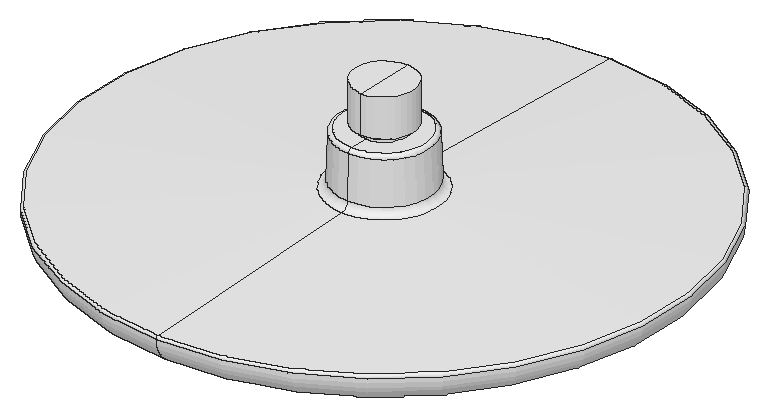
Revit family "ShowerHead-Round-Vitra-OriginSeries-A45638", category Plumbing Fixtures, Revit 2017
Family settings
  Round Connector Dimension = Use Diameter
  Part Type = Normal
  OmniClass Number = 23.45.00.00
  OmniClass Title = Sanitary, Laundry, and Cleaning Equipment
  Work Plane-Based = Yes
  Always vertical = No
  Cut with Voids When Loaded = No
  Shared = Yes
  Room Calculation Point = No
Parameters (values of type "ShowerHead-Round-Vitra-OriginSeries-A45638")
  Youtube = "https://www.youtube.com/user/VitrAglobal"
  Weight Net (kg) = "0.6"
  Waste Connection = no
  Warranty Period (Year) = "5 Years"
  Vent Connection = no
  Uniformat II Description = "Plumbing Fixture"
  Uniformat II Code = "22 40 00"
  Uniclass 2015 Name = "Bath taps"
  Uniclass 2015 Code = "Pr_40_20_87_09"
  Uniclass 2.0 Description = "Bath taps"
  Uniclass 2.0 Code = "Pr_40_20_87_09"
  Uniclass 1.4 Description = "Mixer taps"
  Uniclass 1.4 Code = "L725111"
  URL = "https://vitraglobal.com/"
  UNSPSC Description = ""
  UNSPSC Code = ""
  Test Pressure = "16 bar"
  Technical description = "https://www.vitraglobal.com/pdf/A45638/"
  Tap hole Options (default) = ""
  Specification = ""
  Region South America = "All"
  Region Oceania = "All"
  Region North America = "All"
  Region Middle East = "All"
  Region Europe = "All"
  Region Asia = "All"
  Region Antarctica = "All"
  Region Africa = "All"
  Range of flow pressure = "1 - 5 bar"
  Range of Hot Water Supply = "5 - 65 °C"
  Product url = "https://www.vitraglobal.com/shower-systems/shower-heads/shower-heads/vichy-xl-showerhead-sku-A45638/"
  Product manual = ""
  Product group = "Showerhead"
  Product family = "Origin"
  Product data url = ""
  Product certification = "https://www.vitraglobal.com/brochures/"
  Product Type = "Round Showerhead"
  Product SKU = "A45638"
  Product Properties = ""
  Product Guid = ""
  OmniClass Description = "Mixing Faucets"
  OmniClass Code = "23.45.55.17"
  Number Of Connections = "1"
  Nominal Width (mm) = 230 mm
  Nominal Height (mm) = 60 mm
  Nominal Depth (mm) = 230 mm
  NBS Referans Description = "Water supply fittings for baths"
  NBS Referans Code = "45-35-70/315"
  Mounting type = "Pipe Connect"
  Model = "A45638"
  Min. flow pressure of = "0.5 bar"
  Masterformat 2014 Description = "Plumbing Fixtures"
  Masterformat 2014 Code = "22 40 00"
  Manufacturer name = "VitrA"
  Manufacturer = "VitrA"
  Main Material = "Metal"
  Installation instructions = ""
  IFC Classification = "Sanitary Terminal"
  Hot Water temperature, factory set to = "38 °C"
  Hot Water Supply (max.) = "80 °C"
  Help = ""
  HW Connection = yes
  GTIP code = ""
  Flow Rate(L/min. - 3 bar) = "18 L/min."
  Features = ""
  EAN code = ""
  Design country = "Turkey"
  Description = "Origin Round Showerhead"
  Default Elevation = 850 mm
  Connection Diameter (mm) = 15 mm
  Color = "Chrome"
  Coating Material = Chrome
  Calculated flow = ""
  CW Connection = yes
  COBIe Type Category = ""
  Brand = "Artema"
  BIMobject category = "Bath/Shower Mixer"
  Article No. (default) = "A45638"
  Approvals = ""
  ApplicationType = ""
  Accessories (default) = ""
Types (4, lengths in mm): name | Technical description | Product url | Product SKU | Model | Color | Coating Material | Brand | Article No. (default)
  ShowerHead-Round-Vitra-OriginSeries-A45638 | "https://www.vitraglobal.com/pdf/A45638/" | "https://www.vitraglobal.com/shower-systems/shower-heads/shower-heads/vichy-xl-showerhead-sku-A45638/" | "A45638" | "A45638" | "Chrome" | Chrome | "Artema" | "A45638"
  ShowerHead-Round-Vitra-OriginSeries-A4563836 | "https://www.vitraglobal.com/pdf/A4563836/" | "https://www.vitraglobal.com/shower-systems/shower-heads/shower-heads/origin-showerhead-sku-A4563836/" | "A4563836" | "A4563836" | "Matte Black" | Matte Black | "VitrA" | "A4563836"
  ShowerHead-Round-Vitra-OriginSeries-A4563834 | "https://www.vitraglobal.com/pdf/A4563834/" | "https://www.vitraglobal.com/shower-systems/shower-heads/shower-heads/origin-showerhead-sku-A4563834/" | "A4563834" | "A4563834" | "Brushed Nickel" | Brushed Nickel | "VitrA" | "A4563834"
  ShowerHead-Round-Vitra-OriginSeries-A4563826 | "https://www.vitraglobal.com/pdf/A4563826/" | "https://www.vitraglobal.com/shower-systems/shower-heads/shower-heads/origin-showerhead-sku-A4563826/" | "A4563826" | "A4563826" | "Copper" | BrightCopper | "VitrA" | "A4563826"
Reference planes
  plane 1 "Center (Front/Back)": y = 0
  plane 2: z = 0
  plane 3 "Center (Left/Right)": x = 0
  plane 4: z = -60
  plane 5: x = 115
  plane 6: x = -115
  plane 7: y = 115
  plane 8: y = -115
Forms (mm)
  Revolve 1, solid, material "Chrome" <- "Coating Material", detail levels medium+fine
    sketch origin (0, 0, 0) x (0, 1, 0) y (0, 0, 1)
      loop
        line (0, 0) -> (0, -54.35) -> (104.039, -54.35)
        arc (104.039, -54.35) -> (111.153, -50.813) -> (113.989, -43.392) r 10.922
        arc (113.989, -43.392) -> (113.68, -42.635) -> (112.933, -42.301) r 1.1
        line (112.933, -42.301) -> (21.083, -38.636)
        arc (21.083, -38.636) -> (19.064, -37.742) -> (18.203, -35.709) r 3
        line (18.203, -35.709) -> (17.81, -19.004)
        arc (17.81, -19.004) -> (17.346, -17.938) -> (16.27, -17.5) r 1.54
        line (16.27, -17.5) -> (8.944, -17.5) -> (8.944, -16.525) -> (11.584, -15) -> (11.584, 0) -> (0, 0)
      axis (0, -54.35) -> (0, 0)
    angle from 0 to 360
  Extrusion 2, solid, material "Matte Black", detail levels medium+fine
    sketch origin (0, 0, -54.35) x (0, 1, 0) y (1, 0, 0)
      loop
        circle (9.716, -13.33) r 3
    from 0 to 3
  Extrusion 3, solid, material "Matte Black", detail levels medium+fine
    sketch origin (0, 0, -54.35) x (0.951057, 0.309017, 0) y (0.309017, -0.951057, 0)
      loop
        circle (9.716, -13.33) r 3
    from 0 to 3
  Extrusion 4, solid, material "Matte Black", detail levels medium+fine
    sketch origin (0, 0, -54.35) x (-0.951057, 0.309017, 0) y (0.309017, 0.951057, 0)
      loop
        circle (9.716, -13.33) r 3
    from 0 to 3
  Extrusion 5, solid, material "Matte Black", detail levels fine
    sketch origin (0, 0, -54.35) x (-0.587785, -0.809017, 0) y (-0.809017, 0.587785, 0)
      loop
        circle (9.716, -13.33) r 3
    from 0 to 3
  Extrusion 6, solid, material "Matte Black", detail levels medium+fine
    sketch origin (0, 0, -54.35) x (0.587785, -0.809017, 0) y (-0.809017, -0.587785, 0)
      loop
        circle (9.716, -13.33) r 3
    from 0 to 3
  Extrusion 7, solid, material "Matte Black", detail levels fine
    sketch origin (-19.129, -2.816, -54.35) x (0, 1, 0) y (1, 0, 0)
      loop
        circle (9.716, -13.33) r 3
    from 0 to 3
  Extrusion 8, solid, material "Matte Black", detail levels fine
    sketch origin (-24.233, -7.398, -54.35) x (0.406737, 0.913545, 0) y (0.913545, -0.406737, 0)
      loop
        circle (9.716, -13.33) r 3
    from 0 to 3
  Extrusion 9, solid, material "Matte Black", detail levels fine
    sketch origin (-16.33, 3.446, -54.35) x (-0.406737, 0.913545, 0) y (0.913545, 0.406737, 0)
      loop
        circle (9.716, -13.33) r 3
    from 0 to 3
  Extrusion 10, solid, material "Matte Black", detail levels fine
    sketch origin (-16.319, 10.305, -54.35) x (-0.743145, 0.669131, 0) y (0.669131, 0.743145, 0)
      loop
        circle (9.716, -13.33) r 3
    from 0 to 3
  Extrusion 11, solid, material "Matte Black", detail levels fine
    sketch origin (-19.1, 16.575, -54.35) x (-0.951057, 0.309017, 0) y (0.309017, 0.951057, 0)
      loop
        circle (9.716, -13.33) r 3
    from 0 to 3
  Extrusion 12, solid, material "Matte Black", detail levels fine
    sketch origin (-24.19, 21.172, -54.35) x (-0.994522, -0.104528, 0) y (-0.104528, 0.994522, 0)
      loop
        circle (9.716, -13.33) r 3
    from 0 to 3
  Extrusion 13, solid, material "Matte Black", detail levels fine
    sketch origin (-30.71, 23.301, -54.35) x (-0.866025, -0.5, 0) y (-0.5, 0.866025, 0)
      loop
        circle (9.716, -13.33) r 3
    from 0 to 3
  Extrusion 14, solid, material "Matte Black", detail levels fine
    sketch origin (-37.533, 22.595, -54.35) x (-0.587785, -0.809017, 0) y (-0.809017, 0.587785, 0)
      loop
        circle (9.716, -13.33) r 3
    from 0 to 3
  Extrusion 15, solid, material "Matte Black", detail levels fine
    sketch origin (-43.478, 19.174, -54.35) x (-0.207912, -0.978148, 0) y (-0.978148, 0.207912, 0)
      loop
        circle (9.716, -13.33) r 3
    from 0 to 3
  Extrusion 16, solid, material "Matte Black", detail levels fine
    sketch origin (-47.518, 13.631, -54.35) x (0.207912, -0.978148, 0) y (-0.978148, -0.207912, 0)
      loop
        circle (9.716, -13.33) r 3
    from 0 to 3
  Extrusion 17, solid, material "Matte Black", detail levels fine
    sketch origin (-48.954, 6.924, -54.35) x (0.587785, -0.809017, 0) y (-0.809017, -0.587785, 0)
      loop
        circle (9.716, -13.33) r 3
    from 0 to 3
  Extrusion 18, solid, material "Matte Black", detail levels fine
    sketch origin (-47.538, 0.213, -54.35) x (0.866025, -0.5, 0) y (-0.5, -0.866025, 0)
      loop
        circle (9.716, -13.33) r 3
    from 0 to 3
  Extrusion 19, solid, material "Matte Black", detail levels fine
    sketch origin (-43.515, -5.342, -54.35) x (0.994522, -0.104528, 0) y (-0.104528, -0.994522, 0)
      loop
        circle (9.716, -13.33) r 3
    from 0 to 3
  Extrusion 20, solid, material "Matte Black", detail levels fine
    sketch origin (-37.58, -8.781, -54.35) x (0.951057, 0.309017, 0) y (0.309017, -0.951057, 0)
      loop
        circle (9.716, -13.33) r 3
    from 0 to 3
  Extrusion 21, solid, material "Matte Black", detail levels fine
    sketch origin (-30.759, -9.508, -54.35) x (0.743145, 0.669131, 0) y (0.669131, -0.743145, 0)
      loop
        circle (9.716, -13.33) r 3
    from 0 to 3
  Extrusion 22, solid, material "Matte Black", detail levels fine
    sketch origin (-31.967, 3.825, -54.35) x (0.951057, 0.309017, 0) y (0.309017, -0.951057, 0)
      loop
        circle (9.716, -13.33) r 3
    from 0 to 3
  Extrusion 23, solid, material "Matte Black", detail levels fine
    sketch origin (-24.233, -21.197, -54.35) x (0.406737, 0.913545, 0) y (0.913545, -0.406737, 0)
      loop
        circle (9.716, -13.33) r 3
    from 0 to 3
  Extrusion 24, solid, material "Matte Black", detail levels fine
    sketch origin (-13.516, -29.221, -54.35) x (0, 1, 0) y (1, 0, 0)
      loop
        circle (9.716, -13.33) r 3
    from 0 to 3
  Extrusion 25, solid, material "Matte Black", detail levels fine
    sketch origin (-0.463, -32.192, -54.35) x (-0.406737, 0.913545, 0) y (0.913545, 0.406737, 0)
      loop
        circle (9.716, -13.33) r 3
    from 0 to 3
  Extrusion 26, solid, material "Matte Black", detail levels fine
    sketch origin (12.671, -29.597, -54.35) x (-0.743145, 0.669131, 0) y (0.669131, 0.743145, 0)
      loop
        circle (9.716, -13.33) r 3
    from 0 to 3
  Extrusion 27, solid, material "Matte Black", detail levels fine
    sketch origin (23.614, -21.885, -54.35) x (-0.951057, 0.309017, 0) y (0.309017, 0.951057, 0)
      loop
        circle (9.716, -13.33) r 3
    from 0 to 3
  Extrusion 28, solid, material "Matte Black", detail levels fine
    sketch origin (30.473, -10.388, -54.35) x (-0.994522, -0.104528, 0) y (-0.104528, 0.994522, 0)
      loop
        circle (9.716, -13.33) r 3
    from 0 to 3
  Extrusion 29, solid, material "Matte Black", detail levels fine
    sketch origin (32.064, 2.905, -54.35) x (-0.866025, -0.5, 0) y (-0.5, 0.866025, 0)
      loop
        circle (9.716, -13.33) r 3
    from 0 to 3
  Extrusion 30, solid, material "Matte Black", detail levels fine
    sketch origin (28.11, 15.695, -54.35) x (-0.587785, -0.809017, 0) y (-0.809017, 0.587785, 0)
      loop
        circle (9.716, -13.33) r 3
    from 0 to 3
  Extrusion 31, solid, material "Matte Black", detail levels fine
    sketch origin (19.296, 25.772, -54.35) x (-0.207912, -0.978148, 0) y (-0.978148, 0.207912, 0)
      loop
        circle (9.716, -13.33) r 3
    from 0 to 3
  Extrusion 32, solid, material "Matte Black", detail levels fine
    sketch origin (7.146, 31.392, -54.35) x (0.207912, -0.978148, 0) y (-0.978148, -0.207912, 0)
      loop
        circle (9.716, -13.33) r 3
    from 0 to 3
  Extrusion 33, solid, material "Matte Black", detail levels fine
    sketch origin (-6.24, 31.585, -54.35) x (0.587785, -0.809017, 0) y (-0.809017, -0.587785, 0)
      loop
        circle (9.716, -13.33) r 3
    from 0 to 3
  Extrusion 34, solid, material "Matte Black", detail levels fine
    sketch origin (-18.548, 26.316, -54.35) x (0.866025, -0.5, 0) y (-0.5, -0.866025, 0)
      loop
        circle (9.716, -13.33) r 3
    from 0 to 3
  Extrusion 35, solid, material "Matte Black", detail levels fine
    sketch origin (-27.648, 16.497, -54.35) x (0.994522, -0.104528, 0) y (-0.104528, -0.994522, 0)
      loop
        circle (9.716, -13.33) r 3
    from 0 to 3
  Extrusion 36, solid, material "Matte Black", detail levels fine
    sketch origin (-63.945, -8.258, -54.35) x (0.743145, 0.669131, 0) y (0.669131, -0.743145, 0)
      loop
        circle (9.716, -13.33) r 3
    from 0 to 3
  Extrusion 37, solid, material "Matte Black", detail levels fine
    sketch origin (-63.99, 7.904, -54.35) x (0.886204, 0.463296, 0) y (0.463296, -0.886204, 0)
      loop
        circle (9.716, -13.33) r 3
    from 0 to 3
  Extrusion 38, solid, material "Matte Black", detail levels fine
    sketch origin (-59.883, -23.901, -54.35) x (0.553392, 0.832921, 0) y (0.832921, -0.553392, 0)
      loop
        circle (9.716, -13.33) r 3
    from 0 to 3
  Extrusion 39, solid, material "Matte Black", detail levels fine
    sketch origin (-52.057, -38.042, -54.35) x (0.328867, 0.944376, 0) y (0.944376, -0.328867, 0)
      loop
        circle (9.716, -13.33) r 3
    from 0 to 3
  Extrusion 40, solid, material "Matte Black", detail levels fine
    sketch origin (-40.961, -49.793, -54.35) x (0.083678, 0.996493, 0) y (0.996493, -0.083678, 0)
      loop
        circle (9.716, -13.33) r 3
    from 0 to 3
  Extrusion 41, solid, material "Matte Black", detail levels fine
    sketch origin (-27.291, -58.415, -54.35) x (-0.166769, 0.985996, 0) y (0.985996, 0.166769, 0)
      loop
        circle (9.716, -13.33) r 3
    from 0 to 3
  Extrusion 42, solid, material "Matte Black", detail levels fine
    sketch origin (-11.906, -63.367, -54.35) x (-0.406737, 0.913545, 0) y (0.913545, 0.406737, 0)
      loop
        circle (9.716, -13.33) r 3
    from 0 to 3
  Extrusion 43, solid, material "Matte Black", detail levels fine
    sketch origin (4.226, -64.337, -54.35) x (-0.621148, 0.783693, 0) y (0.783693, 0.621148, 0)
      loop
        circle (9.716, -13.33) r 3
    from 0 to 3
  Extrusion 44, solid, material "Matte Black", detail levels fine
    sketch origin (20.094, -61.265, -54.35) x (-0.79653, 0.604599, 0) y (0.604599, 0.79653, 0)
      loop
        circle (9.716, -13.33) r 3
    from 0 to 3
  Extrusion 45, solid, material "Matte Black", detail levels fine
    sketch origin (34.698, -54.343, -54.35) x (-0.921863, 0.387516, 0) y (0.387516, 0.921863, 0)
      loop
        circle (9.716, -13.33) r 3
    from 0 to 3
  Extrusion 46, solid, material "Matte Black", detail levels fine
    sketch origin (47.123, -44.007, -54.35) x (-0.989272, 0.146083, 0) y (0.146083, 0.989272, 0)
      loop
        circle (9.716, -13.33) r 3
    from 0 to 3
  Extrusion 47, solid, material "Matte Black", detail levels fine
    sketch origin (56.587, -30.905, -54.35) x (-0.994522, -0.104528, 0) y (-0.104528, 0.994522, 0)
      loop
        circle (9.716, -13.33) r 3
    from 0 to 3
  Extrusion 48, solid, material "Matte Black", detail levels fine
    sketch origin (62.495, -15.862, -54.35) x (-0.937282, -0.348572, 0) y (-0.348572, 0.937282, 0)
      loop
        circle (9.716, -13.33) r 3
    from 0 to 3
  Extrusion 49, solid, material "Matte Black", detail levels fine
    sketch origin (64.476, 0.178, -54.35) x (-0.821149, -0.570714, 0) y (-0.570714, 0.821149, 0)
      loop
        circle (9.716, -13.33) r 3
    from 0 to 3
  Extrusion 50, solid, material "Matte Black", detail levels fine
    sketch origin (62.406, 16.207, -54.35) x (-0.653421, -0.756995, 0) y (-0.756995, 0.653421, 0)
      loop
        circle (9.716, -13.33) r 3
    from 0 to 3
  Extrusion 51, solid, material "Matte Black", detail levels fine
    sketch origin (56.415, 31.218, -54.35) x (-0.444635, -0.895712, 0) y (-0.895712, 0.444635, 0)
      loop
        circle (9.716, -13.33) r 3
    from 0 to 3
  Extrusion 52, solid, material "Matte Black", detail levels fine
    sketch origin (46.879, 44.267, -54.35) x (-0.207912, -0.978148, 0) y (-0.978148, 0.207912, 0)
      loop
        circle (9.716, -13.33) r 3
    from 0 to 3
  Extrusion 53, solid, material "Matte Black", detail levels fine
    sketch origin (34.397, 54.534, -54.35) x (0.041876, -0.999123, 0) y (-0.999123, -0.041876, 0)
      loop
        circle (9.716, -13.33) r 3
    from 0 to 3
  Extrusion 54, solid, material "Matte Black", detail levels fine
    sketch origin (19.755, 61.375, -54.35) x (0.289032, -0.957319, 0) y (-0.957319, -0.289032, 0)
      loop
        circle (9.716, -13.33) r 3
    from 0 to 3
  Extrusion 55, solid, material "Matte Black", detail levels fine
    sketch origin (3.871, 64.36, -54.35) x (0.518027, -0.855364, 0) y (-0.855364, -0.518027, 0)
      loop
        circle (9.716, -13.33) r 3
    from 0 to 3
  Extrusion 56, solid, material "Matte Black", detail levels fine
    sketch origin (-12.257, 63.3, -54.35) x (0.714473, -0.699663, 0) y (-0.699663, -0.714473, 0)
      loop
        circle (9.716, -13.33) r 3
    from 0 to 3
  Extrusion 57, solid, material "Matte Black", detail levels fine
    sketch origin (-27.614, 58.264, -54.35) x (0.866025, -0.5, 0) y (-0.5, -0.866025, 0)
      loop
        circle (9.716, -13.33) r 3
    from 0 to 3
  Extrusion 58, solid, material "Matte Black", detail levels fine
    sketch origin (-41.236, 49.566, -54.35) x (0.963163, -0.26892, 0) y (-0.26892, -0.963163, 0)
      loop
        circle (9.716, -13.33) r 3
    from 0 to 3
  Extrusion 59, solid, material "Matte Black", detail levels medium+fine
    sketch origin (-52.267, 37.754, -54.35) x (0.999781, -0.020942, 0) y (-0.020942, -0.999781, 0)
      loop
        circle (9.716, -13.33) r 3
    from 0 to 3
  Extrusion 60, solid, material "Matte Black", detail levels fine
    sketch origin (-60.014, 23.569, -54.35) x (0.973579, 0.228351, 0) y (0.228351, -0.973579, 0)
      loop
        circle (9.716, -13.33) r 3
    from 0 to 3
  Extrusion 61, solid, material "Matte Black", detail levels fine
    sketch origin (-47.795, -16.407, -54.35) x (0.743145, 0.669131, 0) y (0.669131, -0.743145, 0)
      loop
        circle (9.716, -13.33) r 3
    from 0 to 3
  Extrusion 62, solid, material "Matte Black", detail levels fine
    sketch origin (-50.526, -0.835, -54.35) x (0.913545, 0.406737, 0) y (0.406737, -0.913545, 0)
      loop
        circle (9.716, -13.33) r 3
    from 0 to 3
  Extrusion 63, solid, material "Matte Black", detail levels fine
    sketch origin (-40.385, -30.374, -54.35) x (0.5, 0.866025, 0) y (0.866025, -0.5, 0)
      loop
        circle (9.716, -13.33) r 3
    from 0 to 3
  Extrusion 64, solid, material "Matte Black", detail levels fine
    sketch origin (-29.023, -41.367, -54.35) x (0.207912, 0.978148, 0) y (0.978148, -0.207912, 0)
      loop
        circle (9.716, -13.33) r 3
    from 0 to 3
  Extrusion 65, solid, material "Matte Black", detail levels fine
    sketch origin (-14.819, -48.311, -54.35) x (-0.104528, 0.994522, 0) y (0.994522, 0.104528, 0)
      loop
        circle (9.716, -13.33) r 3
    from 0 to 3
  Extrusion 66, solid, material "Matte Black", detail levels fine
    sketch origin (0.835, -50.526, -54.35) x (-0.406737, 0.913545, 0) y (0.913545, 0.406737, 0)
      loop
        circle (9.716, -13.33) r 3
    from 0 to 3
  Extrusion 67, solid, material "Matte Black", detail levels fine
    sketch origin (16.407, -47.795, -54.35) x (-0.669131, 0.743145, 0) y (0.743145, 0.669131, 0)
      loop
        circle (9.716, -13.33) r 3
    from 0 to 3
  Extrusion 68, solid, material "Matte Black", detail levels fine
    sketch origin (30.374, -40.385, -54.35) x (-0.866025, 0.5, 0) y (0.5, 0.866025, 0)
      loop
        circle (9.716, -13.33) r 3
    from 0 to 3
  Extrusion 69, solid, material "Matte Black", detail levels fine
    sketch origin (41.367, -29.023, -54.35) x (-0.978148, 0.207912, 0) y (0.207912, 0.978148, 0)
      loop
        circle (9.716, -13.33) r 3
    from 0 to 3
  Extrusion 70, solid, material "Matte Black", detail levels fine
    sketch origin (48.311, -14.819, -54.35) x (-0.994522, -0.104528, 0) y (-0.104528, 0.994522, 0)
      loop
        circle (9.716, -13.33) r 3
    from 0 to 3
  Extrusion 71, solid, material "Matte Black", detail levels fine
    sketch origin (50.526, 0.835, -54.35) x (-0.913545, -0.406737, 0) y (-0.406737, 0.913545, 0)
      loop
        circle (9.716, -13.33) r 3
    from 0 to 3
  Extrusion 72, solid, material "Matte Black", detail levels fine
    sketch origin (47.795, 16.407, -54.35) x (-0.743145, -0.669131, 0) y (-0.669131, 0.743145, 0)
      loop
        circle (9.716, -13.33) r 3
    from 0 to 3
  Extrusion 73, solid, material "Matte Black", detail levels fine
    sketch origin (40.385, 30.374, -54.35) x (-0.5, -0.866025, 0) y (-0.866025, 0.5, 0)
      loop
        circle (9.716, -13.33) r 3
    from 0 to 3
  Extrusion 74, solid, material "Matte Black", detail levels fine
    sketch origin (29.023, 41.367, -54.35) x (-0.207912, -0.978148, 0) y (-0.978148, 0.207912, 0)
      loop
        circle (9.716, -13.33) r 3
    from 0 to 3
  Extrusion 75, solid, material "Matte Black", detail levels fine
    sketch origin (14.819, 48.311, -54.35) x (0.104528, -0.994522, 0) y (-0.994522, -0.104528, 0)
      loop
        circle (9.716, -13.33) r 3
    from 0 to 3
  Extrusion 76, solid, material "Matte Black", detail levels fine
    sketch origin (-0.835, 50.526, -54.35) x (0.406737, -0.913545, 0) y (-0.913545, -0.406737, 0)
      loop
        circle (9.716, -13.33) r 3
    from 0 to 3
  Extrusion 77, solid, material "Matte Black", detail levels fine
    sketch origin (-16.407, 47.795, -54.35) x (0.669131, -0.743145, 0) y (-0.743145, -0.669131, 0)
      loop
        circle (9.716, -13.33) r 3
    from 0 to 3
  Extrusion 78, solid, material "Matte Black", detail levels fine
    sketch origin (-30.374, 40.385, -54.35) x (0.866025, -0.5, 0) y (-0.5, -0.866025, 0)
      loop
        circle (9.716, -13.33) r 3
    from 0 to 3
  Extrusion 79, solid, material "Matte Black", detail levels fine
    sketch origin (-41.367, 29.023, -54.35) x (0.978148, -0.207912, 0) y (-0.207912, -0.978148, 0)
      loop
        circle (9.716, -13.33) r 3
    from 0 to 3
  Extrusion 80, solid, material "Matte Black", detail levels fine
    sketch origin (-48.311, 14.819, -54.35) x (0.994522, 0.104528, 0) y (0.104528, -0.994522, 0)
      loop
        circle (9.716, -13.33) r 3
    from 0 to 3
  Extrusion 81, solid, material "Matte Black", detail levels fine
    sketch origin (-76.743, -15.469, -54.35) x (0.553392, 0.832921, 0) y (0.832921, -0.553392, 0)
      loop
        circle (9.716, -13.33) r 3
    from 0 to 3
  Extrusion 82, solid, material "Matte Black", detail levels fine
    sketch origin (-78.283, 0.825, -54.35) x (0.714473, 0.699663, 0) y (0.699663, -0.714473, 0)
      loop
        circle (9.716, -13.33) r 3
    from 0 to 3
  Extrusion 83, solid, material "Matte Black", detail levels fine
    sketch origin (-71.85, -31.087, -54.35) x (0.368125, 0.929776, 0) y (0.929776, -0.368125, 0)
      loop
        circle (9.716, -13.33) r 3
    from 0 to 3
  Extrusion 84, solid, material "Matte Black", detail levels fine
    sketch origin (-63.817, -45.346, -54.35) x (0.166769, 0.985996, 0) y (0.985996, -0.166769, 0)
      loop
        circle (9.716, -13.33) r 3
    from 0 to 3
  Extrusion 85, solid, material "Matte Black", detail levels fine
    sketch origin (-52.994, -57.623, -54.35) x (-0.041876, 0.999123, 0) y (0.999123, 0.041876, 0)
      loop
        circle (9.716, -13.33) r 3
    from 0 to 3
  Extrusion 86, solid, material "Matte Black", detail levels fine
    sketch origin (-39.856, -67.382, -54.35) x (-0.24869, 0.968583, 0) y (0.968583, 0.24869, 0)
      loop
        circle (9.716, -13.33) r 3
    from 0 to 3
  Extrusion 87, solid, material "Matte Black", detail levels fine
    sketch origin (-24.975, -74.196, -54.35) x (-0.444635, 0.895712, 0) y (0.895712, 0.444635, 0)
      loop
        circle (9.716, -13.33) r 3
    from 0 to 3
  Extrusion 88, solid, material "Matte Black", detail levels fine
    sketch origin (-9.003, -77.767, -54.35) x (-0.621148, 0.783693, 0) y (0.783693, 0.621148, 0)
      loop
        circle (9.716, -13.33) r 3
    from 0 to 3
  Extrusion 89, solid, material "Matte Black", detail levels fine
    sketch origin (7.362, -77.94, -54.35) x (-0.770513, 0.637424, 0) y (0.637424, 0.770513, 0)
      loop
        circle (9.716, -13.33) r 3
    from 0 to 3
  Extrusion 90, solid, material "Matte Black", detail levels fine
    sketch origin (23.406, -74.706, -54.35) x (-0.886204, 0.463296, 0) y (0.463296, 0.886204, 0)
      loop
        circle (9.716, -13.33) r 3
    from 0 to 3
  Extrusion 91, solid, material "Matte Black", detail levels fine
    sketch origin (38.427, -68.207, -54.35) x (-0.963163, 0.26892, 0) y (0.26892, 0.963163, 0)
      loop
        circle (9.716, -13.33) r 3
    from 0 to 3
  Extrusion 92, solid, material "Matte Black", detail levels fine
    sketch origin (51.768, -58.727, -54.35) x (-0.998027, 0.062791, 0) y (0.062791, 0.998027, 0)
      loop
        circle (9.716, -13.33) r 3
    from 0 to 3
  Extrusion 93, solid, material "Matte Black", detail levels fine
    sketch origin (62.847, -46.681, -54.35) x (-0.989272, -0.146083, 0) y (-0.146083, 0.989272, 0)
      loop
        circle (9.716, -13.33) r 3
    from 0 to 3
  Extrusion 94, solid, material "Matte Black", detail levels fine
    sketch origin (71.179, -32.594, -54.35) x (-0.937282, -0.348572, 0) y (-0.348572, 0.937282, 0)
      loop
        circle (9.716, -13.33) r 3
    from 0 to 3
  Extrusion 95, solid, material "Matte Black", detail levels fine
    sketch origin (76.4, -17.083, -54.35) x (-0.844328, -0.535827, 0) y (-0.535827, 0.844328, 0)
      loop
        circle (9.716, -13.33) r 3
    from 0 to 3
  Extrusion 96, solid, material "Matte Black", detail levels fine
    sketch origin (78.283, -0.825, -54.35) x (-0.714473, -0.699663, 0) y (-0.699663, 0.714473, 0)
      loop
        circle (9.716, -13.33) r 3
    from 0 to 3
  Extrusion 97, solid, material "Matte Black", detail levels fine
    sketch origin (76.743, 15.469, -54.35) x (-0.553392, -0.832921, 0) y (-0.832921, 0.553392, 0)
      loop
        circle (9.716, -13.33) r 3
    from 0 to 3
  Extrusion 98, solid, material "Matte Black", detail levels fine
    sketch origin (71.85, 31.087, -54.35) x (-0.368125, -0.929776, 0) y (-0.929776, 0.368125, 0)
      loop
        circle (9.716, -13.33) r 3
    from 0 to 3
  Extrusion 99, solid, material "Matte Black", detail levels fine
    sketch origin (63.817, 45.346, -54.35) x (-0.166769, -0.985996, 0) y (-0.985996, 0.166769, 0)
      loop
        circle (9.716, -13.33) r 3
    from 0 to 3
  Extrusion 100, solid, material "Matte Black", detail levels fine
    sketch origin (52.994, 57.623, -54.35) x (0.041876, -0.999123, 0) y (-0.999123, -0.041876, 0)
      loop
        circle (9.716, -13.33) r 3
    from 0 to 3
  Extrusion 101, solid, material "Matte Black", detail levels fine
    sketch origin (39.856, 67.382, -54.35) x (0.24869, -0.968583, 0) y (-0.968583, -0.24869, 0)
      loop
        circle (9.716, -13.33) r 3
    from 0 to 3
  Extrusion 102, solid, material "Matte Black", detail levels fine
    sketch origin (24.975, 74.196, -54.35) x (0.444635, -0.895712, 0) y (-0.895712, -0.444635, 0)
      loop
        circle (9.716, -13.33) r 3
    from 0 to 3
  Extrusion 103, solid, material "Matte Black", detail levels medium+fine
    sketch origin (9.003, 77.767, -54.35) x (0.621148, -0.783693, 0) y (-0.783693, -0.621148, 0)
      loop
        circle (9.716, -13.33) r 3
    from 0 to 3
  Extrusion 104, solid, material "Matte Black", detail levels fine
    sketch origin (-7.362, 77.94, -54.35) x (0.770513, -0.637424, 0) y (-0.637424, -0.770513, 0)
      loop
        circle (9.716, -13.33) r 3
    from 0 to 3
  Extrusion 105, solid, material "Matte Black", detail levels fine
    sketch origin (-23.406, 74.706, -54.35) x (0.886204, -0.463296, 0) y (-0.463296, -0.886204, 0)
      loop
        circle (9.716, -13.33) r 3
    from 0 to 3
  Extrusion 106, solid, material "Matte Black", detail levels fine
    sketch origin (-38.427, 68.207, -54.35) x (0.963163, -0.26892, 0) y (-0.26892, -0.963163, 0)
      loop
        circle (9.716, -13.33) r 3
    from 0 to 3
  Extrusion 107, solid, material "Matte Black", detail levels fine
    sketch origin (-51.768, 58.727, -54.35) x (0.998027, -0.062791, 0) y (-0.062791, -0.998027, 0)
      loop
        circle (9.716, -13.33) r 3
    from 0 to 3
  Extrusion 108, solid, material "Matte Black", detail levels fine
    sketch origin (-62.847, 46.681, -54.35) x (0.989272, 0.146083, 0) y (0.146083, -0.989272, 0)
      loop
        circle (9.716, -13.33) r 3
    from 0 to 3
  Extrusion 109, solid, material "Matte Black", detail levels fine
    sketch origin (-71.179, 32.594, -54.35) x (0.937282, 0.348572, 0) y (0.348572, -0.937282, 0)
      loop
        circle (9.716, -13.33) r 3
    from 0 to 3
  Extrusion 110, solid, material "Matte Black", detail levels fine
    sketch origin (-76.4, 17.083, -54.35) x (0.844328, 0.535827, 0) y (0.535827, -0.844328, 0)
      loop
        circle (9.716, -13.33) r 3
    from 0 to 3
  Extrusion 111, solid, detail levels coarse
    sketch origin (0, 0, -54.35) x (0, 1, 0) y (1, 0, 0)
      loop
        circle (0, 0) r 115.281
    from 0 to -54.35
Cuts and joins
  joined: Extrusion 2, Extrusion 3, Extrusion 4, Extrusion 6, Extrusion 59, Extrusion 103
  joined: Extrusion 101, Extrusion 102
  joined: Extrusion 52, Extrusion 53
  joined: Extrusion 99, Extrusion 100
  joined: Extrusion 74, Extrusion 75
  joined: Extrusion 55, Extrusion 76
  joined: Extrusion 56, Extrusion 77
  joined: Extrusion 78, Extrusion 79
  joined: Extrusion 60, Extrusion 80
Dimensions and locks
  "Nominal Width (mm)": plane 6 to plane 5
  "Nominal Depth (mm)": plane 7 to plane 8
  "Nominal Height (mm)": level to plane 4
Automatic sketch dimensions
  Revolve 1 sketch curve to level = 0 mm
  Revolve 1 sketch curve to plane 1 "Center (Front/Back)" = 0 mm  (x2)
  Revolve 1 sketch curve to plane 1 "Center (Front/Back)" = 8.944 mm
  Revolve 1 sketch curve to Revolve 1 sketch curve = 2.641 mm
  Revolve 1 sketch curve to Revolve 1 sketch curve = 4.686 mm
  Revolve 1 sketch curve to Revolve 1 sketch curve = 1.54 mm
  Revolve 1 sketch curve to Revolve 1 sketch curve = 0.394 mm
  Revolve 1 sketch curve to Revolve 1 sketch curve = 2.88 mm
  Revolve 1 sketch curve to Revolve 1 sketch curve = 0.12 mm
  Revolve 1 sketch curve to plane 7 = 11.933 mm
  plane 4 to Revolve 1 sketch curve = 5.65 mm
  Revolve 1 sketch curve to Revolve 1 sketch curve = 0.972 mm
  Revolve 1 sketch curve to plane 7 = 2.111 mm
  Revolve 1 sketch curve to Revolve 1 sketch curve = 0.044 mm
  Revolve 1 sketch curve to Revolve 1 sketch curve = 10.879 mm
  Revolve 1 sketch curve to Revolve 1 sketch curve = 0.071 mm
  Revolve 1 sketch curve to Revolve 1 sketch curve = 1.099 mm
  plane 4 to Revolve 1 sketch curve = 21.364 mm
  Revolve 1 sketch curve to Revolve 1 sketch curve = 2.927 mm
  Revolve 1 sketch curve to Revolve 1 sketch curve = 16.669 mm
  Revolve 1 sketch curve to Revolve 1 sketch curve = 0.036 mm
  Revolve 1 sketch curve to Revolve 1 sketch curve = 0.975 mm
  Revolve 1 sketch curve to Revolve 1 sketch curve = 1.525 mm
  Revolve 1 sketch curve to Revolve 1 sketch curve = 9.675 mm
  Revolve 1 sketch curve to Revolve 1 sketch curve = 12.825 mm
  Revolve 1 to Extrusion 2 sketch curve = 13.33 mm
  Extrusion 3 sketch curve to Revolve 1 = 5.121 mm
  Revolve 1 to Extrusion 4 sketch curve = 13.359 mm
  Extrusion 5 sketch curve to Revolve 1 = 5.074 mm
  Extrusion 6 sketch curve to Revolve 1 = 16.495 mm
  Revolve 1 to Extrusion 7 sketch curve = 32.459 mm
  Revolve 1 to Extrusion 8 sketch curve = 32.459 mm
  Revolve 1 to Extrusion 9 sketch curve = 32.459 mm
  Revolve 1 to Extrusion 10 sketch curve = 32.459 mm
  Revolve 1 to Extrusion 11 sketch curve = 32.459 mm
  Revolve 1 to Extrusion 12 sketch curve = 32.459 mm
  Revolve 1 to Extrusion 13 sketch curve = 32.459 mm
  Revolve 1 to Extrusion 14 sketch curve = 32.459 mm
  Revolve 1 to Extrusion 15 sketch curve = 32.459 mm
  Revolve 1 to Extrusion 16 sketch curve = 32.459 mm
  Revolve 1 to Extrusion 17 sketch curve = 32.459 mm
  Revolve 1 to Extrusion 18 sketch curve = 32.459 mm
  Revolve 1 to Extrusion 19 sketch curve = 32.459 mm
  Revolve 1 to Extrusion 20 sketch curve = 32.459 mm
  Revolve 1 to Extrusion 21 sketch curve = 32.459 mm
  Revolve 1 to Extrusion 22 sketch curve = 26.846 mm
  Revolve 1 to Extrusion 23 sketch curve = 32.459 mm
  Revolve 1 to Extrusion 24 sketch curve = 26.846 mm
  Revolve 1 to Extrusion 25 sketch curve = 16.592 mm
  Revolve 1 to Extrusion 26 sketch curve = 3.469 mm
  Extrusion 27 sketch curve to Revolve 1 = 10.254 mm
  Extrusion 28 sketch curve to Revolve 1 = 22.204 mm
  Extrusion 29 sketch curve to Revolve 1 = 30.315 mm
  Extrusion 30 sketch curve to Revolve 1 = 33.184 mm
  Extrusion 31 sketch curve to Revolve 1 = 30.315 mm
  Extrusion 32 sketch curve to Revolve 1 = 22.205 mm
  Extrusion 33 sketch curve to Revolve 1 = 10.254 mm
  Revolve 1 to Extrusion 34 sketch curve = 3.469 mm
  Revolve 1 to Extrusion 35 sketch curve = 16.592 mm
  Revolve 1 to Extrusion 36 sketch curve = 65.645 mm
  Revolve 1 to Extrusion 37 sketch curve = 61.556 mm
  Revolve 1 to Extrusion 38 sketch curve = 65.609 mm
  Revolve 1 to Extrusion 39 sketch curve = 61.451 mm
  Revolve 1 to Extrusion 40 sketch curve = 53.432 mm
  Revolve 1 to Extrusion 41 sketch curve = 42.055 mm
  Revolve 1 to Extrusion 42 sketch curve = 28.036 mm
  Revolve 1 to Extrusion 43 sketch curve = 12.255 mm
  Extrusion 44 sketch curve to Revolve 1 = 4.296 mm
  Extrusion 45 sketch curve to Revolve 1 = 20.576 mm
  Extrusion 46 sketch curve to Revolve 1 = 35.564 mm
  Extrusion 47 sketch curve to Revolve 1 = 48.318 mm
  Extrusion 48 sketch curve to Revolve 1 = 58.035 mm
  Extrusion 49 sketch curve to Revolve 1 = 64.106 mm
  Extrusion 50 sketch curve to Revolve 1 = 66.148 mm
  Extrusion 51 sketch curve to Revolve 1 = 64.035 mm
  Extrusion 52 sketch curve to Revolve 1 = 57.898 mm
  Extrusion 53 sketch curve to Revolve 1 = 48.123 mm
  Extrusion 54 sketch curve to Revolve 1 = 35.324 mm
  Extrusion 55 sketch curve to Revolve 1 = 20.306 mm
  Extrusion 56 sketch curve to Revolve 1 = 4.011 mm
  Revolve 1 to Extrusion 57 sketch curve = 12.535 mm
  Revolve 1 to Extrusion 58 sketch curve = 28.293 mm
  Revolve 1 to Extrusion 59 sketch curve = 42.274 mm
  Revolve 1 to Extrusion 60 sketch curve = 53.599 mm
  Revolve 1 to Extrusion 61 sketch curve = 49.494 mm
  Revolve 1 to Extrusion 62 sketch curve = 47.072 mm
  Revolve 1 to Extrusion 63 sketch curve = 47.072 mm
  Revolve 1 to Extrusion 64 sketch curve = 40.042 mm
  Revolve 1 to Extrusion 65 sketch curve = 29.092 mm
  Revolve 1 to Extrusion 66 sketch curve = 15.295 mm
  Extrusion 67 sketch curve to Revolve 1 = 0 mm
  Extrusion 68 sketch curve to Revolve 1 = 15.295 mm
  Extrusion 69 sketch curve to Revolve 1 = 29.092 mm
  Extrusion 70 sketch curve to Revolve 1 = 40.042 mm
  Extrusion 71 sketch curve to Revolve 1 = 47.072 mm
  Extrusion 72 sketch curve to Revolve 1 = 49.494 mm
  Extrusion 73 sketch curve to Revolve 1 = 47.072 mm
  Extrusion 74 sketch curve to Revolve 1 = 40.042 mm
  Extrusion 75 sketch curve to Revolve 1 = 29.092 mm
  Extrusion 76 sketch curve to Revolve 1 = 15.295 mm
  Extrusion 77 sketch curve to Revolve 1 = 0 mm
  Revolve 1 to Extrusion 78 sketch curve = 15.295 mm
  Revolve 1 to Extrusion 79 sketch curve = 29.092 mm
  Revolve 1 to Extrusion 80 sketch curve = 40.042 mm
  Revolve 1 to Extrusion 81 sketch curve = 82.47 mm
  Revolve 1 to Extrusion 82 sketch curve = 80.668 mm
  Revolve 1 to Extrusion 83 sketch curve = 80.668 mm
  Revolve 1 to Extrusion 84 sketch curve = 75.34 mm
  Revolve 1 to Extrusion 85 sketch curve = 66.719 mm
  Revolve 1 to Extrusion 86 sketch curve = 55.183 mm
  Revolve 1 to Extrusion 87 sketch curve = 41.235 mm
  Revolve 1 to Extrusion 88 sketch curve = 25.485 mm
  Revolve 1 to Extrusion 89 sketch curve = 8.62 mm
  Extrusion 90 sketch curve to Revolve 1 = 8.62 mm
  Extrusion 91 sketch curve to Revolve 1 = 25.485 mm
  Extrusion 92 sketch curve to Revolve 1 = 41.235 mm
  Extrusion 93 sketch curve to Revolve 1 = 55.183 mm
  Extrusion 94 sketch curve to Revolve 1 = 66.719 mm
  Extrusion 95 sketch curve to Revolve 1 = 75.34 mm
  Extrusion 96 sketch curve to Revolve 1 = 80.668 mm
  Extrusion 97 sketch curve to Revolve 1 = 82.47 mm
  Extrusion 98 sketch curve to Revolve 1 = 80.668 mm
  Extrusion 99 sketch curve to Revolve 1 = 75.34 mm
  Extrusion 100 sketch curve to Revolve 1 = 66.719 mm
  Extrusion 101 sketch curve to Revolve 1 = 55.183 mm
  Extrusion 102 sketch curve to Revolve 1 = 41.235 mm
  Extrusion 103 sketch curve to Revolve 1 = 25.485 mm
  Extrusion 104 sketch curve to Revolve 1 = 8.62 mm
  Revolve 1 to Extrusion 105 sketch curve = 8.62 mm
  Revolve 1 to Extrusion 106 sketch curve = 25.485 mm
  Revolve 1 to Extrusion 107 sketch curve = 41.235 mm
  Revolve 1 to Extrusion 108 sketch curve = 55.183 mm
  Revolve 1 to Extrusion 109 sketch curve = 66.719 mm
  Revolve 1 to Extrusion 110 sketch curve = 75.34 mm
  radius of Extrusion 2 sketch curve = 3 mm
  radius of Extrusion 3 sketch curve = 3 mm
  radius of Extrusion 4 sketch curve = 3 mm
  radius of Extrusion 5 sketch curve = 3 mm
  radius of Extrusion 6 sketch curve = 3 mm
  radius of Extrusion 7 sketch curve = 3 mm
  radius of Extrusion 8 sketch curve = 3 mm
  radius of Extrusion 9 sketch curve = 3 mm
  radius of Extrusion 10 sketch curve = 3 mm
  radius of Extrusion 11 sketch curve = 3 mm
  radius of Extrusion 12 sketch curve = 3 mm
  radius of Extrusion 13 sketch curve = 3 mm
  radius of Extrusion 14 sketch curve = 3 mm
  radius of Extrusion 15 sketch curve = 3 mm
  radius of Extrusion 16 sketch curve = 3 mm
  radius of Extrusion 17 sketch curve = 3 mm
  radius of Extrusion 18 sketch curve = 3 mm
  radius of Extrusion 19 sketch curve = 3 mm
  radius of Extrusion 20 sketch curve = 3 mm
  radius of Extrusion 21 sketch curve = 3 mm
  radius of Extrusion 22 sketch curve = 3 mm
  radius of Extrusion 23 sketch curve = 3 mm
  radius of Extrusion 24 sketch curve = 3 mm
  radius of Extrusion 25 sketch curve = 3 mm
  radius of Extrusion 26 sketch curve = 3 mm
  radius of Extrusion 27 sketch curve = 3 mm
  radius of Extrusion 28 sketch curve = 3 mm
  radius of Extrusion 29 sketch curve = 3 mm
  radius of Extrusion 30 sketch curve = 3 mm
  radius of Extrusion 31 sketch curve = 3 mm
  radius of Extrusion 32 sketch curve = 3 mm
  radius of Extrusion 33 sketch curve = 3 mm
  radius of Extrusion 34 sketch curve = 3 mm
  radius of Extrusion 35 sketch curve = 3 mm
  radius of Extrusion 36 sketch curve = 3 mm
  radius of Extrusion 37 sketch curve = 3 mm
  radius of Extrusion 38 sketch curve = 3 mm
  radius of Extrusion 39 sketch curve = 3 mm
  radius of Extrusion 40 sketch curve = 3 mm
  radius of Extrusion 41 sketch curve = 3 mm
  radius of Extrusion 42 sketch curve = 3 mm
  radius of Extrusion 43 sketch curve = 3 mm
  radius of Extrusion 44 sketch curve = 3 mm
  radius of Extrusion 45 sketch curve = 3 mm
  radius of Extrusion 46 sketch curve = 3 mm
  radius of Extrusion 47 sketch curve = 3 mm
  radius of Extrusion 48 sketch curve = 3 mm
  radius of Extrusion 49 sketch curve = 3 mm
  radius of Extrusion 50 sketch curve = 3 mm
  radius of Extrusion 51 sketch curve = 3 mm
  radius of Extrusion 52 sketch curve = 3 mm
  radius of Extrusion 53 sketch curve = 3 mm
  radius of Extrusion 54 sketch curve = 3 mm
  radius of Extrusion 55 sketch curve = 3 mm
  radius of Extrusion 56 sketch curve = 3 mm
  radius of Extrusion 57 sketch curve = 3 mm
  radius of Extrusion 58 sketch curve = 3 mm
  radius of Extrusion 59 sketch curve = 3 mm
  radius of Extrusion 60 sketch curve = 3 mm
  radius of Extrusion 61 sketch curve = 3 mm
  radius of Extrusion 62 sketch curve = 3 mm
  radius of Extrusion 63 sketch curve = 3 mm
  radius of Extrusion 64 sketch curve = 3 mm
  radius of Extrusion 65 sketch curve = 3 mm
  radius of Extrusion 66 sketch curve = 3 mm
  radius of Extrusion 67 sketch curve = 3 mm
  radius of Extrusion 68 sketch curve = 3 mm
  radius of Extrusion 69 sketch curve = 3 mm
  radius of Extrusion 70 sketch curve = 3 mm
  radius of Extrusion 71 sketch curve = 3 mm
  radius of Extrusion 72 sketch curve = 3 mm
  radius of Extrusion 73 sketch curve = 3 mm
  radius of Extrusion 74 sketch curve = 3 mm
  radius of Extrusion 75 sketch curve = 3 mm
  radius of Extrusion 76 sketch curve = 3 mm
  radius of Extrusion 77 sketch curve = 3 mm
  radius of Extrusion 78 sketch curve = 3 mm
  radius of Extrusion 79 sketch curve = 3 mm
  radius of Extrusion 80 sketch curve = 3 mm
  radius of Extrusion 81 sketch curve = 3 mm
  radius of Extrusion 82 sketch curve = 3 mm
  radius of Extrusion 83 sketch curve = 3 mm
  radius of Extrusion 84 sketch curve = 3 mm
  radius of Extrusion 85 sketch curve = 3 mm
  radius of Extrusion 86 sketch curve = 3 mm
  radius of Extrusion 87 sketch curve = 3 mm
  radius of Extrusion 88 sketch curve = 3 mm
  radius of Extrusion 89 sketch curve = 3 mm
  radius of Extrusion 90 sketch curve = 3 mm
  radius of Extrusion 91 sketch curve = 3 mm
  radius of Extrusion 92 sketch curve = 3 mm
  radius of Extrusion 93 sketch curve = 3 mm
  radius of Extrusion 94 sketch curve = 3 mm
  radius of Extrusion 95 sketch curve = 3 mm
  radius of Extrusion 96 sketch curve = 3 mm
  radius of Extrusion 97 sketch curve = 3 mm
  radius of Extrusion 98 sketch curve = 3 mm
  radius of Extrusion 99 sketch curve = 3 mm
  radius of Extrusion 100 sketch curve = 3 mm
  radius of Extrusion 101 sketch curve = 3 mm
  radius of Extrusion 102 sketch curve = 3 mm
  radius of Extrusion 103 sketch curve = 3 mm
  radius of Extrusion 104 sketch curve = 3 mm
  radius of Extrusion 105 sketch curve = 3 mm
  radius of Extrusion 106 sketch curve = 3 mm
  radius of Extrusion 107 sketch curve = 3 mm
  radius of Extrusion 108 sketch curve = 3 mm
  radius of Extrusion 109 sketch curve = 3 mm
  radius of Extrusion 110 sketch curve = 3 mm
  radius of Revolve 1 to Extrusion 111 sketch curve = 11.242 mm
Connectors
  piping at (0, 0, 0), diameter 15
    settings: on cut or joined group of Extrusion 2, Extrusion 3, Extrusion 4, Extrusion 6, Extrusion 59, Extrusion 103, index 1, connector inside diameter 609.6 mm, connector length 0 mm, flow factor 0, pipe flow 0.0 L/s, pressure drop 0.0 Pa, fitting loss kfactor 0, connector angle 0.00°, fixture units 0, engagement length 0 mm, angle of deflection 0.00°, flow configuration 0, flow direction 1, fitting loss method 0, system type 22, joint type 0, gender type 0, connector reference index -1, connector utility 0, adjustable connector no, is connector primary yes, connector description ""
